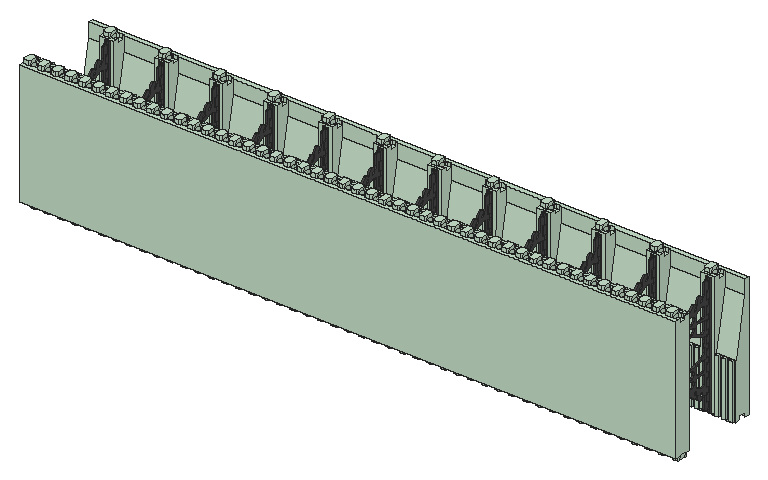
Revit family
Reference planes
  plane 1 "Center (Front/Back)": y = 0
  plane 2: z = 0
  plane 3 "Center (Left/Right)": x = 0
Forms (mm)
  Extrusion 1, solid, material "NUDURA Expanded Polystyrene Foam Insulation"
    sketch origin (0, -50.818, 0) x (1, 0, 0) y (0, 1, 0)
      loop
        line (7.142, -82.55) -> (0, -82.55) -> (0, -142.875) -> (2438.4, -142.875) -> (2438.4, -82.55) -> (2431.258, -82.55) -> (2432.842, -76.2) -> (2418.558, -76.2) -> (2420.142, -82.55) -> (2405.858, -82.55) -> (2407.442, -76.2) -> (2393.158, -76.2) -> (2394.742, -82.55) -> (2380.458, -82.55) -> (2382.042, -76.2) -> (2367.758, -76.2) -> (2369.342, -82.55) -> (2304.258, -82.55) -> (2305.842, -76.2) -> (2291.558, -76.2) -> (2293.142, -82.55) -> (2278.858, -82.55) -> (2280.442, -76.2) -> (2266.158, -76.2) -> (2267.742, -82.55) -> (2253.458, -82.55) -> (2255.042, -76.2) -> (2240.758, -76.2) -> (2242.342, -82.55) -> (2228.058, -82.55) -> (2229.642, -76.2) -> (2215.358, -76.2) -> (2216.942, -82.55) -> (2202.658, -82.55) -> (2204.242, -76.2) -> (2189.958, -76.2) -> (2191.542, -82.55) -> (2177.258, -82.55) -> (2178.842, -76.2) -> (2164.558, -76.2) -> (2166.142, -82.55) -> (2101.058, -82.55) -> (2102.642, -76.2) -> (2088.358, -76.2) -> (2089.942, -82.55) -> (2075.658, -82.55) -> (2077.242, -76.2) -> (2062.958, -76.2) -> (2064.542, -82.55) -> (2050.258, -82.55) -> (2051.842, -76.2) -> (2037.558, -76.2) -> (2039.142, -82.55) -> (2024.858, -82.55) -> (2026.442, -76.2) -> (2012.158, -76.2) -> (2013.742, -82.55) -> (1999.458, -82.55) -> (2001.042, -76.2) -> (1986.758, -76.2) -> (1988.342, -82.55) -> (1974.058, -82.55) -> (1975.642, -76.2) -> (1961.358, -76.2) -> (1962.942, -82.55) -> (1897.858, -82.55) -> (1899.442, -76.2) -> (1885.158, -76.2) -> (1886.742, -82.55) -> (1872.458, -82.55) -> (1874.042, -76.2) -> (1859.758, -76.2) -> (1861.342, -82.55) -> (1847.058, -82.55) -> (1848.642, -76.2) -> (1834.358, -76.2) -> (1835.942, -82.55) -> (1821.658, -82.55) -> (1823.242, -76.2) -> (1808.958, -76.2) -> (1810.542, -82.55) -> (1796.258, -82.55) -> (1797.842, -76.2) -> (1783.558, -76.2) -> (1785.142, -82.55) -> (1770.858, -82.55) -> (1772.442, -76.2) -> (1758.158, -76.2) -> (1759.742, -82.55) -> (1694.658, -82.55) -> (1696.242, -76.2) -> (1681.958, -76.2) -> (1683.542, -82.55) -> (1669.258, -82.55) -> (1670.842, -76.2) -> (1656.558, -76.2) -> (1658.142, -82.55) -> (1643.858, -82.55) -> (1645.442, -76.2) -> (1631.158, -76.2) -> (1632.742, -82.55) -> (1618.458, -82.55) -> (1620.042, -76.2) -> (1605.758, -76.2) -> (1607.342, -82.55) -> (1593.058, -82.55) -> (1594.642, -76.2) -> (1580.358, -76.2) -> (1581.942, -82.55) -> (1567.658, -82.55) -> (1569.242, -76.2) -> (1554.958, -76.2) -> (1556.542, -82.55) -> (1491.458, -82.55) -> (1493.042, -76.2) -> (1478.758, -76.2) -> (1480.342, -82.55) -> (1466.058, -82.55) -> (1467.642, -76.2) -> (1453.358, -76.2) -> (1454.942, -82.55) -> (1440.658, -82.55) -> (1442.242, -76.2) -> (1427.958, -76.2) -> (1429.542, -82.55) -> (1415.258, -82.55) -> (1416.842, -76.2) -> (1402.558, -76.2) -> (1404.142, -82.55) -> (1389.858, -82.55) -> (1391.442, -76.2) -> (1377.158, -76.2) -> (1378.742, -82.55) -> (1364.458, -82.55) -> (1366.042, -76.2) -> (1351.758, -76.2) -> (1353.342, -82.55) -> (1288.258, -82.55) -> (1289.842, -76.2) -> (1275.558, -76.2) -> (1277.142, -82.55) -> (1262.858, -82.55) -> (1264.442, -76.2) -> (1250.158, -76.2) -> (1251.742, -82.55) -> (1237.458, -82.55) -> (1239.042, -76.2) -> (1224.758, -76.2) -> (1226.342, -82.55) -> (1212.058, -82.55) -> (1213.642, -76.2) -> (1199.358, -76.2) -> (1200.942, -82.55) -> (1186.658, -82.55) -> (1188.242, -76.2) -> (1173.958, -76.2) -> (1175.542, -82.55) -> (1161.258, -82.55) -> (1162.842, -76.2) -> (1148.558, -76.2) -> (1150.142, -82.55) -> (1085.058, -82.55) -> (1086.642, -76.2) -> (1072.358, -76.2) -> (1073.942, -82.55) -> (1059.658, -82.55) -> (1061.242, -76.2) -> (1046.958, -76.2) -> (1048.542, -82.55) -> (1034.258, -82.55) -> (1035.842, -76.2) -> (1021.558, -76.2) -> (1023.142, -82.55) -> (1008.858, -82.55) -> (1010.442, -76.2) -> (996.158, -76.2) -> (997.742, -82.55) -> (983.458, -82.55) -> (985.042, -76.2) -> (970.758, -76.2) -> (972.342, -82.55) -> (958.058, -82.55) -> (959.642, -76.2) -> (945.358, -76.2) -> (946.942, -82.55) -> (881.858, -82.55) -> (883.442, -76.2) -> (869.158, -76.2) -> (870.742, -82.55) -> (856.458, -82.55) -> (858.042, -76.2) -> (843.758, -76.2) -> (845.342, -82.55) -> (831.058, -82.55) -> (832.642, -76.2) -> (818.358, -76.2) -> (819.942, -82.55) -> (805.658, -82.55) -> (807.242, -76.2) -> (792.958, -76.2) -> (794.542, -82.55) -> (780.258, -82.55) -> (781.842, -76.2) -> (767.558, -76.2) -> (769.142, -82.55) -> (754.858, -82.55) -> (756.442, -76.2) -> (742.158, -76.2) -> (743.742, -82.55) -> (678.658, -82.55) -> (680.242, -76.2) -> (665.958, -76.2) -> (667.542, -82.55) -> (653.258, -82.55) -> (654.842, -76.2) -> (640.558, -76.2) -> (642.142, -82.55) -> (627.858, -82.55) -> (629.442, -76.2) -> (615.158, -76.2) -> (616.742, -82.55) -> (602.458, -82.55) -> (604.042, -76.2) -> (589.758, -76.2) -> (591.342, -82.55) -> (577.058, -82.55) -> (578.642, -76.2) -> (564.358, -76.2) -> (565.942, -82.55) -> (551.658, -82.55) -> (553.242, -76.2) -> (538.958, -76.2) -> (540.542, -82.55) -> (475.458, -82.55) -> (477.042, -76.2) -> (462.758, -76.2) -> (464.342, -82.55) -> (450.058, -82.55) -> (451.642, -76.2) -> (437.358, -76.2) -> (438.942, -82.55) -> (424.658, -82.55) -> (426.242, -76.2) -> (411.958, -76.2) -> (413.542, -82.55) -> (399.258, -82.55) -> (400.842, -76.2) -> (386.558, -76.2) -> (388.142, -82.55) -> (373.858, -82.55) -> (375.442, -76.2) -> (361.158, -76.2) -> (362.742, -82.55) -> (348.458, -82.55) -> (350.042, -76.2) -> (335.758, -76.2) -> (337.342, -82.55) -> (272.258, -82.55) -> (273.842, -76.2) -> (259.558, -76.2) -> (261.142, -82.55) -> (246.858, -82.55) -> (248.442, -76.2) -> (234.158, -76.2) -> (235.742, -82.55) -> (221.458, -82.55) -> (223.042, -76.2) -> (208.758, -76.2) -> (210.342, -82.55) -> (196.058, -82.55) -> (197.642, -76.2) -> (183.358, -76.2) -> (184.942, -82.55) -> (170.658, -82.55) -> (172.242, -76.2) -> (157.958, -76.2) -> (159.542, -82.55) -> (145.258, -82.55) -> (146.842, -76.2) -> (132.558, -76.2) -> (134.142, -82.55) -> (69.058, -82.55) -> (70.642, -76.2) -> (56.358, -76.2) -> (57.942, -82.55) -> (43.658, -82.55) -> (45.242, -76.2) -> (30.958, -76.2) -> (32.542, -82.55) -> (18.258, -82.55) -> (19.842, -76.2) -> (5.558, -76.2) -> (7.142, -82.55)
    from 0 to 457.2
  Extrusion 2, void
    sketch origin (0, -50.818, 0) x (1, 0, 0) y (0, 1, 0)
      loop
        arc (25.4, -124.411) -> (26.615, -128.147) -> (29.796, -130.453) r 6.35
        arc (29.796, -130.453) -> (38.1, -131.763) -> (46.404, -130.453) r 26.987
        arc (46.404, -130.453) -> (49.585, -128.147) -> (50.8, -124.411) r 6.35
        line (50.8, -124.411) -> (50.8, -101.014)
        arc (50.8, -101.014) -> (50.362, -98.696) -> (49.108, -96.698) r 6.35
        arc (49.108, -96.698) -> (48.795, -96.199) -> (48.685, -95.62) r 1.588
        line (48.685, -95.62) -> (48.685, -86.829) -> (44.346, -86.829) -> (44.346, -92.457)
        arc (44.346, -92.457) -> (43.786, -93.668) -> (42.5, -94.024) r 1.587
        arc (42.5, -94.024) -> (36.091, -93.737) -> (29.796, -94.972) r 26.988
        arc (29.796, -94.972) -> (26.615, -97.278) -> (25.4, -101.014) r 6.35
        line (25.4, -101.014) -> (25.4, -124.411)
    from 457.2 to 444.5
  Extrusion 3, void
    sketch origin (50.8, -50.818, 0) x (1, 0, 0) y (0, 1, 0)
      loop
        arc (25.4, -124.411) -> (26.615, -128.147) -> (29.796, -130.453) r 6.35
        arc (29.796, -130.453) -> (38.1, -131.763) -> (46.404, -130.453) r 26.987
        arc (46.404, -130.453) -> (49.585, -128.147) -> (50.8, -124.411) r 6.35
        line (50.8, -124.411) -> (50.8, -101.014)
        arc (50.8, -101.014) -> (50.362, -98.696) -> (49.108, -96.698) r 6.35
        arc (49.108, -96.698) -> (48.795, -96.199) -> (48.685, -95.62) r 1.588
        line (48.685, -95.62) -> (48.685, -86.829) -> (44.346, -86.829) -> (44.346, -92.457)
        arc (44.346, -92.457) -> (43.786, -93.668) -> (42.5, -94.024) r 1.587
        arc (42.5, -94.024) -> (36.091, -93.737) -> (29.796, -94.972) r 26.988
        arc (29.796, -94.972) -> (26.615, -97.278) -> (25.4, -101.014) r 6.35
        line (25.4, -101.014) -> (25.4, -124.411)
    from 457.2 to 444.5
  Extrusion 4, void
    sketch origin (101.6, -50.818, 0) x (1, 0, 0) y (0, 1, 0)
      loop
        arc (25.4, -124.411) -> (26.615, -128.147) -> (29.796, -130.453) r 6.35
        arc (29.796, -130.453) -> (38.1, -131.763) -> (46.404, -130.453) r 26.987
        arc (46.404, -130.453) -> (49.585, -128.147) -> (50.8, -124.411) r 6.35
        line (50.8, -124.411) -> (50.8, -101.014)
        arc (50.8, -101.014) -> (50.362, -98.696) -> (49.108, -96.698) r 6.35
        arc (49.108, -96.698) -> (48.795, -96.199) -> (48.685, -95.62) r 1.588
        line (48.685, -95.62) -> (48.685, -86.829) -> (44.346, -86.829) -> (44.346, -92.457)
        arc (44.346, -92.457) -> (43.786, -93.668) -> (42.5, -94.024) r 1.587
        arc (42.5, -94.024) -> (36.091, -93.737) -> (29.796, -94.972) r 26.988
        arc (29.796, -94.972) -> (26.615, -97.278) -> (25.4, -101.014) r 6.35
        line (25.4, -101.014) -> (25.4, -124.411)
    from 457.2 to 444.5
  Extrusion 5, void
    sketch origin (152.4, -50.818, 0) x (1, 0, 0) y (0, 1, 0)
      loop
        arc (25.4, -124.411) -> (26.615, -128.147) -> (29.796, -130.453) r 6.35
        arc (29.796, -130.453) -> (38.1, -131.763) -> (46.404, -130.453) r 26.987
        arc (46.404, -130.453) -> (49.585, -128.147) -> (50.8, -124.411) r 6.35
        line (50.8, -124.411) -> (50.8, -101.014)
        arc (50.8, -101.014) -> (50.362, -98.696) -> (49.108, -96.698) r 6.35
        arc (49.108, -96.698) -> (48.795, -96.199) -> (48.685, -95.62) r 1.588
        line (48.685, -95.62) -> (48.685, -86.829) -> (44.346, -86.829) -> (44.346, -92.457)
        arc (44.346, -92.457) -> (43.786, -93.668) -> (42.5, -94.024) r 1.587
        arc (42.5, -94.024) -> (36.091, -93.737) -> (29.796, -94.972) r 26.988
        arc (29.796, -94.972) -> (26.615, -97.278) -> (25.4, -101.014) r 6.35
        line (25.4, -101.014) -> (25.4, -124.411)
    from 457.2 to 444.5
  Extrusion 6, void
    sketch origin (203.2, -50.818, 0) x (1, 0, 0) y (0, 1, 0)
      loop
        arc (25.4, -124.411) -> (26.615, -128.147) -> (29.796, -130.453) r 6.35
        arc (29.796, -130.453) -> (38.1, -131.763) -> (46.404, -130.453) r 26.987
        arc (46.404, -130.453) -> (49.585, -128.147) -> (50.8, -124.411) r 6.35
        line (50.8, -124.411) -> (50.8, -101.014)
        arc (50.8, -101.014) -> (50.362, -98.696) -> (49.108, -96.698) r 6.35
        arc (49.108, -96.698) -> (48.795, -96.199) -> (48.685, -95.62) r 1.588
        line (48.685, -95.62) -> (48.685, -86.829) -> (44.346, -86.829) -> (44.346, -92.457)
        arc (44.346, -92.457) -> (43.786, -93.668) -> (42.5, -94.024) r 1.587
        arc (42.5, -94.024) -> (36.091, -93.737) -> (29.796, -94.972) r 26.988
        arc (29.796, -94.972) -> (26.615, -97.278) -> (25.4, -101.014) r 6.35
        line (25.4, -101.014) -> (25.4, -124.411)
    from 457.2 to 444.5
  Extrusion 7, void
    sketch origin (254, -50.818, 0) x (1, 0, 0) y (0, 1, 0)
      loop
        arc (25.4, -124.411) -> (26.615, -128.147) -> (29.796, -130.453) r 6.35
        arc (29.796, -130.453) -> (38.1, -131.763) -> (46.404, -130.453) r 26.987
        arc (46.404, -130.453) -> (49.585, -128.147) -> (50.8, -124.411) r 6.35
        line (50.8, -124.411) -> (50.8, -101.014)
        arc (50.8, -101.014) -> (50.362, -98.696) -> (49.108, -96.698) r 6.35
        arc (49.108, -96.698) -> (48.795, -96.199) -> (48.685, -95.62) r 1.588
        line (48.685, -95.62) -> (48.685, -86.829) -> (44.346, -86.829) -> (44.346, -92.457)
        arc (44.346, -92.457) -> (43.786, -93.668) -> (42.5, -94.024) r 1.587
        arc (42.5, -94.024) -> (36.091, -93.737) -> (29.796, -94.972) r 26.988
        arc (29.796, -94.972) -> (26.615, -97.278) -> (25.4, -101.014) r 6.35
        line (25.4, -101.014) -> (25.4, -124.411)
    from 457.2 to 444.5
  Extrusion 8, void
    sketch origin (304.8, -50.818, 0) x (1, 0, 0) y (0, 1, 0)
      loop
        arc (25.4, -124.411) -> (26.615, -128.147) -> (29.796, -130.453) r 6.35
        arc (29.796, -130.453) -> (38.1, -131.763) -> (46.404, -130.453) r 26.987
        arc (46.404, -130.453) -> (49.585, -128.147) -> (50.8, -124.411) r 6.35
        line (50.8, -124.411) -> (50.8, -101.014)
        arc (50.8, -101.014) -> (50.362, -98.696) -> (49.108, -96.698) r 6.35
        arc (49.108, -96.698) -> (48.795, -96.199) -> (48.685, -95.62) r 1.588
        line (48.685, -95.62) -> (48.685, -86.829) -> (44.346, -86.829) -> (44.346, -92.457)
        arc (44.346, -92.457) -> (43.786, -93.668) -> (42.5, -94.024) r 1.587
        arc (42.5, -94.024) -> (36.091, -93.737) -> (29.796, -94.972) r 26.988
        arc (29.796, -94.972) -> (26.615, -97.278) -> (25.4, -101.014) r 6.35
        line (25.4, -101.014) -> (25.4, -124.411)
    from 457.2 to 444.5
  Extrusion 9, void
    sketch origin (355.6, -50.818, 0) x (1, 0, 0) y (0, 1, 0)
      loop
        arc (25.4, -124.411) -> (26.615, -128.147) -> (29.796, -130.453) r 6.35
        arc (29.796, -130.453) -> (38.1, -131.763) -> (46.404, -130.453) r 26.987
        arc (46.404, -130.453) -> (49.585, -128.147) -> (50.8, -124.411) r 6.35
        line (50.8, -124.411) -> (50.8, -101.014)
        arc (50.8, -101.014) -> (50.362, -98.696) -> (49.108, -96.698) r 6.35
        arc (49.108, -96.698) -> (48.795, -96.199) -> (48.685, -95.62) r 1.588
        line (48.685, -95.62) -> (48.685, -86.829) -> (44.346, -86.829) -> (44.346, -92.457)
        arc (44.346, -92.457) -> (43.786, -93.668) -> (42.5, -94.024) r 1.587
        arc (42.5, -94.024) -> (36.091, -93.737) -> (29.796, -94.972) r 26.988
        arc (29.796, -94.972) -> (26.615, -97.278) -> (25.4, -101.014) r 6.35
        line (25.4, -101.014) -> (25.4, -124.411)
    from 457.2 to 444.5
  Extrusion 10, void
    sketch origin (406.4, -50.818, 0) x (1, 0, 0) y (0, 1, 0)
      loop
        arc (25.4, -124.411) -> (26.615, -128.147) -> (29.796, -130.453) r 6.35
        arc (29.796, -130.453) -> (38.1, -131.763) -> (46.404, -130.453) r 26.987
        arc (46.404, -130.453) -> (49.585, -128.147) -> (50.8, -124.411) r 6.35
        line (50.8, -124.411) -> (50.8, -101.014)
        arc (50.8, -101.014) -> (50.362, -98.696) -> (49.108, -96.698) r 6.35
        arc (49.108, -96.698) -> (48.795, -96.199) -> (48.685, -95.62) r 1.588
        line (48.685, -95.62) -> (48.685, -86.829) -> (44.346, -86.829) -> (44.346, -92.457)
        arc (44.346, -92.457) -> (43.786, -93.668) -> (42.5, -94.024) r 1.587
        arc (42.5, -94.024) -> (36.091, -93.737) -> (29.796, -94.972) r 26.988
        arc (29.796, -94.972) -> (26.615, -97.278) -> (25.4, -101.014) r 6.35
        line (25.4, -101.014) -> (25.4, -124.411)
    from 457.2 to 444.5
  Extrusion 11, void
    sketch origin (457.2, -50.818, 0) x (1, 0, 0) y (0, 1, 0)
      loop
        arc (25.4, -124.411) -> (26.615, -128.147) -> (29.796, -130.453) r 6.35
        arc (29.796, -130.453) -> (38.1, -131.763) -> (46.404, -130.453) r 26.987
        arc (46.404, -130.453) -> (49.585, -128.147) -> (50.8, -124.411) r 6.35
        line (50.8, -124.411) -> (50.8, -101.014)
        arc (50.8, -101.014) -> (50.362, -98.696) -> (49.108, -96.698) r 6.35
        arc (49.108, -96.698) -> (48.795, -96.199) -> (48.685, -95.62) r 1.588
        line (48.685, -95.62) -> (48.685, -86.829) -> (44.346, -86.829) -> (44.346, -92.457)
        arc (44.346, -92.457) -> (43.786, -93.668) -> (42.5, -94.024) r 1.587
        arc (42.5, -94.024) -> (36.091, -93.737) -> (29.796, -94.972) r 26.988
        arc (29.796, -94.972) -> (26.615, -97.278) -> (25.4, -101.014) r 6.35
        line (25.4, -101.014) -> (25.4, -124.411)
    from 457.2 to 444.5
  Extrusion 12, void
    sketch origin (508, -50.818, 0) x (1, 0, 0) y (0, 1, 0)
      loop
        arc (25.4, -124.411) -> (26.615, -128.147) -> (29.796, -130.453) r 6.35
        arc (29.796, -130.453) -> (38.1, -131.763) -> (46.404, -130.453) r 26.987
        arc (46.404, -130.453) -> (49.585, -128.147) -> (50.8, -124.411) r 6.35
        line (50.8, -124.411) -> (50.8, -101.014)
        arc (50.8, -101.014) -> (50.362, -98.696) -> (49.108, -96.698) r 6.35
        arc (49.108, -96.698) -> (48.795, -96.199) -> (48.685, -95.62) r 1.588
        line (48.685, -95.62) -> (48.685, -86.829) -> (44.346, -86.829) -> (44.346, -92.457)
        arc (44.346, -92.457) -> (43.786, -93.668) -> (42.5, -94.024) r 1.587
        arc (42.5, -94.024) -> (36.091, -93.737) -> (29.796, -94.972) r 26.988
        arc (29.796, -94.972) -> (26.615, -97.278) -> (25.4, -101.014) r 6.35
        line (25.4, -101.014) -> (25.4, -124.411)
    from 457.2 to 444.5
  Extrusion 13, void
    sketch origin (558.8, -50.818, 0) x (1, 0, 0) y (0, 1, 0)
      loop
        arc (25.4, -124.411) -> (26.615, -128.147) -> (29.796, -130.453) r 6.35
        arc (29.796, -130.453) -> (38.1, -131.763) -> (46.404, -130.453) r 26.987
        arc (46.404, -130.453) -> (49.585, -128.147) -> (50.8, -124.411) r 6.35
        line (50.8, -124.411) -> (50.8, -101.014)
        arc (50.8, -101.014) -> (50.362, -98.696) -> (49.108, -96.698) r 6.35
        arc (49.108, -96.698) -> (48.795, -96.199) -> (48.685, -95.62) r 1.588
        line (48.685, -95.62) -> (48.685, -86.829) -> (44.346, -86.829) -> (44.346, -92.457)
        arc (44.346, -92.457) -> (43.786, -93.668) -> (42.5, -94.024) r 1.587
        arc (42.5, -94.024) -> (36.091, -93.737) -> (29.796, -94.972) r 26.988
        arc (29.796, -94.972) -> (26.615, -97.278) -> (25.4, -101.014) r 6.35
        line (25.4, -101.014) -> (25.4, -124.411)
    from 457.2 to 444.5
  Extrusion 14, void
    sketch origin (609.6, -50.818, 0) x (1, 0, 0) y (0, 1, 0)
      loop
        arc (25.4, -124.411) -> (26.615, -128.147) -> (29.796, -130.453) r 6.35
        arc (29.796, -130.453) -> (38.1, -131.763) -> (46.404, -130.453) r 26.987
        arc (46.404, -130.453) -> (49.585, -128.147) -> (50.8, -124.411) r 6.35
        line (50.8, -124.411) -> (50.8, -101.014)
        arc (50.8, -101.014) -> (50.362, -98.696) -> (49.108, -96.698) r 6.35
        arc (49.108, -96.698) -> (48.795, -96.199) -> (48.685, -95.62) r 1.588
        line (48.685, -95.62) -> (48.685, -86.829) -> (44.346, -86.829) -> (44.346, -92.457)
        arc (44.346, -92.457) -> (43.786, -93.668) -> (42.5, -94.024) r 1.587
        arc (42.5, -94.024) -> (36.091, -93.737) -> (29.796, -94.972) r 26.988
        arc (29.796, -94.972) -> (26.615, -97.278) -> (25.4, -101.014) r 6.35
        line (25.4, -101.014) -> (25.4, -124.411)
    from 457.2 to 444.5
  Extrusion 15, void
    sketch origin (660.4, -50.818, 0) x (1, 0, 0) y (0, 1, 0)
      loop
        arc (25.4, -124.411) -> (26.615, -128.147) -> (29.796, -130.453) r 6.35
        arc (29.796, -130.453) -> (38.1, -131.763) -> (46.404, -130.453) r 26.987
        arc (46.404, -130.453) -> (49.585, -128.147) -> (50.8, -124.411) r 6.35
        line (50.8, -124.411) -> (50.8, -101.014)
        arc (50.8, -101.014) -> (50.362, -98.696) -> (49.108, -96.698) r 6.35
        arc (49.108, -96.698) -> (48.795, -96.199) -> (48.685, -95.62) r 1.588
        line (48.685, -95.62) -> (48.685, -86.829) -> (44.346, -86.829) -> (44.346, -92.457)
        arc (44.346, -92.457) -> (43.786, -93.668) -> (42.5, -94.024) r 1.587
        arc (42.5, -94.024) -> (36.091, -93.737) -> (29.796, -94.972) r 26.988
        arc (29.796, -94.972) -> (26.615, -97.278) -> (25.4, -101.014) r 6.35
        line (25.4, -101.014) -> (25.4, -124.411)
    from 457.2 to 444.5
  Extrusion 16, void
    sketch origin (711.2, -50.818, 0) x (1, 0, 0) y (0, 1, 0)
      loop
        arc (25.4, -124.411) -> (26.615, -128.147) -> (29.796, -130.453) r 6.35
        arc (29.796, -130.453) -> (38.1, -131.763) -> (46.404, -130.453) r 26.987
        arc (46.404, -130.453) -> (49.585, -128.147) -> (50.8, -124.411) r 6.35
        line (50.8, -124.411) -> (50.8, -101.014)
        arc (50.8, -101.014) -> (50.362, -98.696) -> (49.108, -96.698) r 6.35
        arc (49.108, -96.698) -> (48.795, -96.199) -> (48.685, -95.62) r 1.588
        line (48.685, -95.62) -> (48.685, -86.829) -> (44.346, -86.829) -> (44.346, -92.457)
        arc (44.346, -92.457) -> (43.786, -93.668) -> (42.5, -94.024) r 1.587
        arc (42.5, -94.024) -> (36.091, -93.737) -> (29.796, -94.972) r 26.988
        arc (29.796, -94.972) -> (26.615, -97.278) -> (25.4, -101.014) r 6.35
        line (25.4, -101.014) -> (25.4, -124.411)
    from 457.2 to 444.5
  Extrusion 17, void
    sketch origin (762, -50.818, 0) x (1, 0, 0) y (0, 1, 0)
      loop
        arc (25.4, -124.411) -> (26.615, -128.147) -> (29.796, -130.453) r 6.35
        arc (29.796, -130.453) -> (38.1, -131.763) -> (46.404, -130.453) r 26.987
        arc (46.404, -130.453) -> (49.585, -128.147) -> (50.8, -124.411) r 6.35
        line (50.8, -124.411) -> (50.8, -101.014)
        arc (50.8, -101.014) -> (50.362, -98.696) -> (49.108, -96.698) r 6.35
        arc (49.108, -96.698) -> (48.795, -96.199) -> (48.685, -95.62) r 1.588
        line (48.685, -95.62) -> (48.685, -86.829) -> (44.346, -86.829) -> (44.346, -92.457)
        arc (44.346, -92.457) -> (43.786, -93.668) -> (42.5, -94.024) r 1.587
        arc (42.5, -94.024) -> (36.091, -93.737) -> (29.796, -94.972) r 26.988
        arc (29.796, -94.972) -> (26.615, -97.278) -> (25.4, -101.014) r 6.35
        line (25.4, -101.014) -> (25.4, -124.411)
    from 457.2 to 444.5
  Extrusion 18, void
    sketch origin (812.8, -50.818, 0) x (1, 0, 0) y (0, 1, 0)
      loop
        arc (25.4, -124.411) -> (26.615, -128.147) -> (29.796, -130.453) r 6.35
        arc (29.796, -130.453) -> (38.1, -131.763) -> (46.404, -130.453) r 26.987
        arc (46.404, -130.453) -> (49.585, -128.147) -> (50.8, -124.411) r 6.35
        line (50.8, -124.411) -> (50.8, -101.014)
        arc (50.8, -101.014) -> (50.362, -98.696) -> (49.108, -96.698) r 6.35
        arc (49.108, -96.698) -> (48.795, -96.199) -> (48.685, -95.62) r 1.588
        line (48.685, -95.62) -> (48.685, -86.829) -> (44.346, -86.829) -> (44.346, -92.457)
        arc (44.346, -92.457) -> (43.786, -93.668) -> (42.5, -94.024) r 1.587
        arc (42.5, -94.024) -> (36.091, -93.737) -> (29.796, -94.972) r 26.988
        arc (29.796, -94.972) -> (26.615, -97.278) -> (25.4, -101.014) r 6.35
        line (25.4, -101.014) -> (25.4, -124.411)
    from 457.2 to 444.5
  Extrusion 19, void
    sketch origin (863.6, -50.818, 0) x (1, 0, 0) y (0, 1, 0)
      loop
        arc (25.4, -124.411) -> (26.615, -128.147) -> (29.796, -130.453) r 6.35
        arc (29.796, -130.453) -> (38.1, -131.763) -> (46.404, -130.453) r 26.987
        arc (46.404, -130.453) -> (49.585, -128.147) -> (50.8, -124.411) r 6.35
        line (50.8, -124.411) -> (50.8, -101.014)
        arc (50.8, -101.014) -> (50.362, -98.696) -> (49.108, -96.698) r 6.35
        arc (49.108, -96.698) -> (48.795, -96.199) -> (48.685, -95.62) r 1.588
        line (48.685, -95.62) -> (48.685, -86.829) -> (44.346, -86.829) -> (44.346, -92.457)
        arc (44.346, -92.457) -> (43.786, -93.668) -> (42.5, -94.024) r 1.587
        arc (42.5, -94.024) -> (36.091, -93.737) -> (29.796, -94.972) r 26.988
        arc (29.796, -94.972) -> (26.615, -97.278) -> (25.4, -101.014) r 6.35
        line (25.4, -101.014) -> (25.4, -124.411)
    from 457.2 to 444.5
  Extrusion 20, void
    sketch origin (914.4, -50.818, 0) x (1, 0, 0) y (0, 1, 0)
      loop
        arc (25.4, -124.411) -> (26.615, -128.147) -> (29.796, -130.453) r 6.35
        arc (29.796, -130.453) -> (38.1, -131.763) -> (46.404, -130.453) r 26.987
        arc (46.404, -130.453) -> (49.585, -128.147) -> (50.8, -124.411) r 6.35
        line (50.8, -124.411) -> (50.8, -101.014)
        arc (50.8, -101.014) -> (50.362, -98.696) -> (49.108, -96.698) r 6.35
        arc (49.108, -96.698) -> (48.795, -96.199) -> (48.685, -95.62) r 1.588
        line (48.685, -95.62) -> (48.685, -86.829) -> (44.346, -86.829) -> (44.346, -92.457)
        arc (44.346, -92.457) -> (43.786, -93.668) -> (42.5, -94.024) r 1.587
        arc (42.5, -94.024) -> (36.091, -93.737) -> (29.796, -94.972) r 26.988
        arc (29.796, -94.972) -> (26.615, -97.278) -> (25.4, -101.014) r 6.35
        line (25.4, -101.014) -> (25.4, -124.411)
    from 457.2 to 444.5
  Extrusion 21, void
    sketch origin (965.2, -50.818, 0) x (1, 0, 0) y (0, 1, 0)
      loop
        arc (25.4, -124.411) -> (26.615, -128.147) -> (29.796, -130.453) r 6.35
        arc (29.796, -130.453) -> (38.1, -131.763) -> (46.404, -130.453) r 26.987
        arc (46.404, -130.453) -> (49.585, -128.147) -> (50.8, -124.411) r 6.35
        line (50.8, -124.411) -> (50.8, -101.014)
        arc (50.8, -101.014) -> (50.362, -98.696) -> (49.108, -96.698) r 6.35
        arc (49.108, -96.698) -> (48.795, -96.199) -> (48.685, -95.62) r 1.588
        line (48.685, -95.62) -> (48.685, -86.829) -> (44.346, -86.829) -> (44.346, -92.457)
        arc (44.346, -92.457) -> (43.786, -93.668) -> (42.5, -94.024) r 1.587
        arc (42.5, -94.024) -> (36.091, -93.737) -> (29.796, -94.972) r 26.988
        arc (29.796, -94.972) -> (26.615, -97.278) -> (25.4, -101.014) r 6.35
        line (25.4, -101.014) -> (25.4, -124.411)
    from 457.2 to 444.5
  Extrusion 22, void
    sketch origin (1016, -50.818, 0) x (1, 0, 0) y (0, 1, 0)
      loop
        arc (25.4, -124.411) -> (26.615, -128.147) -> (29.796, -130.453) r 6.35
        arc (29.796, -130.453) -> (38.1, -131.763) -> (46.404, -130.453) r 26.987
        arc (46.404, -130.453) -> (49.585, -128.147) -> (50.8, -124.411) r 6.35
        line (50.8, -124.411) -> (50.8, -101.014)
        arc (50.8, -101.014) -> (50.362, -98.696) -> (49.108, -96.698) r 6.35
        arc (49.108, -96.698) -> (48.795, -96.199) -> (48.685, -95.62) r 1.588
        line (48.685, -95.62) -> (48.685, -86.829) -> (44.346, -86.829) -> (44.346, -92.457)
        arc (44.346, -92.457) -> (43.786, -93.668) -> (42.5, -94.024) r 1.587
        arc (42.5, -94.024) -> (36.091, -93.737) -> (29.796, -94.972) r 26.988
        arc (29.796, -94.972) -> (26.615, -97.278) -> (25.4, -101.014) r 6.35
        line (25.4, -101.014) -> (25.4, -124.411)
    from 457.2 to 444.5
  Extrusion 23, void
    sketch origin (1066.8, -50.818, 0) x (1, 0, 0) y (0, 1, 0)
      loop
        arc (25.4, -124.411) -> (26.615, -128.147) -> (29.796, -130.453) r 6.35
        arc (29.796, -130.453) -> (38.1, -131.763) -> (46.404, -130.453) r 26.987
        arc (46.404, -130.453) -> (49.585, -128.147) -> (50.8, -124.411) r 6.35
        line (50.8, -124.411) -> (50.8, -101.014)
        arc (50.8, -101.014) -> (50.362, -98.696) -> (49.108, -96.698) r 6.35
        arc (49.108, -96.698) -> (48.795, -96.199) -> (48.685, -95.62) r 1.588
        line (48.685, -95.62) -> (48.685, -86.829) -> (44.346, -86.829) -> (44.346, -92.457)
        arc (44.346, -92.457) -> (43.786, -93.668) -> (42.5, -94.024) r 1.587
        arc (42.5, -94.024) -> (36.091, -93.737) -> (29.796, -94.972) r 26.988
        arc (29.796, -94.972) -> (26.615, -97.278) -> (25.4, -101.014) r 6.35
        line (25.4, -101.014) -> (25.4, -124.411)
    from 457.2 to 444.5
  Extrusion 24, void
    sketch origin (1117.6, -50.818, 0) x (1, 0, 0) y (0, 1, 0)
      loop
        arc (25.4, -124.411) -> (26.615, -128.147) -> (29.796, -130.453) r 6.35
        arc (29.796, -130.453) -> (38.1, -131.763) -> (46.404, -130.453) r 26.987
        arc (46.404, -130.453) -> (49.585, -128.147) -> (50.8, -124.411) r 6.35
        line (50.8, -124.411) -> (50.8, -101.014)
        arc (50.8, -101.014) -> (50.362, -98.696) -> (49.108, -96.698) r 6.35
        arc (49.108, -96.698) -> (48.795, -96.199) -> (48.685, -95.62) r 1.588
        line (48.685, -95.62) -> (48.685, -86.829) -> (44.346, -86.829) -> (44.346, -92.457)
        arc (44.346, -92.457) -> (43.786, -93.668) -> (42.5, -94.024) r 1.587
        arc (42.5, -94.024) -> (36.091, -93.737) -> (29.796, -94.972) r 26.988
        arc (29.796, -94.972) -> (26.615, -97.278) -> (25.4, -101.014) r 6.35
        line (25.4, -101.014) -> (25.4, -124.411)
    from 457.2 to 444.5
  Extrusion 25, void
    sketch origin (1168.4, -50.818, 0) x (1, 0, 0) y (0, 1, 0)
      loop
        arc (25.4, -124.411) -> (26.615, -128.147) -> (29.796, -130.453) r 6.35
        arc (29.796, -130.453) -> (38.1, -131.763) -> (46.404, -130.453) r 26.987
        arc (46.404, -130.453) -> (49.585, -128.147) -> (50.8, -124.411) r 6.35
        line (50.8, -124.411) -> (50.8, -101.014)
        arc (50.8, -101.014) -> (50.362, -98.696) -> (49.108, -96.698) r 6.35
        arc (49.108, -96.698) -> (48.795, -96.199) -> (48.685, -95.62) r 1.588
        line (48.685, -95.62) -> (48.685, -86.829) -> (44.346, -86.829) -> (44.346, -92.457)
        arc (44.346, -92.457) -> (43.786, -93.668) -> (42.5, -94.024) r 1.587
        arc (42.5, -94.024) -> (36.091, -93.737) -> (29.796, -94.972) r 26.988
        arc (29.796, -94.972) -> (26.615, -97.278) -> (25.4, -101.014) r 6.35
        line (25.4, -101.014) -> (25.4, -124.411)
    from 457.2 to 444.5
  Extrusion 26, void
    sketch origin (1219.2, -50.818, 0) x (1, 0, 0) y (0, 1, 0)
      loop
        arc (25.4, -124.411) -> (26.615, -128.147) -> (29.796, -130.453) r 6.35
        arc (29.796, -130.453) -> (38.1, -131.763) -> (46.404, -130.453) r 26.987
        arc (46.404, -130.453) -> (49.585, -128.147) -> (50.8, -124.411) r 6.35
        line (50.8, -124.411) -> (50.8, -101.014)
        arc (50.8, -101.014) -> (50.362, -98.696) -> (49.108, -96.698) r 6.35
        arc (49.108, -96.698) -> (48.795, -96.199) -> (48.685, -95.62) r 1.588
        line (48.685, -95.62) -> (48.685, -86.829) -> (44.346, -86.829) -> (44.346, -92.457)
        arc (44.346, -92.457) -> (43.786, -93.668) -> (42.5, -94.024) r 1.587
        arc (42.5, -94.024) -> (36.091, -93.737) -> (29.796, -94.972) r 26.988
        arc (29.796, -94.972) -> (26.615, -97.278) -> (25.4, -101.014) r 6.35
        line (25.4, -101.014) -> (25.4, -124.411)
    from 457.2 to 444.5
  Extrusion 27, void
    sketch origin (1270, -50.818, 0) x (1, 0, 0) y (0, 1, 0)
      loop
        arc (25.4, -124.411) -> (26.615, -128.147) -> (29.796, -130.453) r 6.35
        arc (29.796, -130.453) -> (38.1, -131.763) -> (46.404, -130.453) r 26.987
        arc (46.404, -130.453) -> (49.585, -128.147) -> (50.8, -124.411) r 6.35
        line (50.8, -124.411) -> (50.8, -101.014)
        arc (50.8, -101.014) -> (50.362, -98.696) -> (49.108, -96.698) r 6.35
        arc (49.108, -96.698) -> (48.795, -96.199) -> (48.685, -95.62) r 1.588
        line (48.685, -95.62) -> (48.685, -86.829) -> (44.346, -86.829) -> (44.346, -92.457)
        arc (44.346, -92.457) -> (43.786, -93.668) -> (42.5, -94.024) r 1.587
        arc (42.5, -94.024) -> (36.091, -93.737) -> (29.796, -94.972) r 26.988
        arc (29.796, -94.972) -> (26.615, -97.278) -> (25.4, -101.014) r 6.35
        line (25.4, -101.014) -> (25.4, -124.411)
    from 457.2 to 444.5
  Extrusion 28, void
    sketch origin (1320.8, -50.818, 0) x (1, 0, 0) y (0, 1, 0)
      loop
        arc (25.4, -124.411) -> (26.615, -128.147) -> (29.796, -130.453) r 6.35
        arc (29.796, -130.453) -> (38.1, -131.763) -> (46.404, -130.453) r 26.987
        arc (46.404, -130.453) -> (49.585, -128.147) -> (50.8, -124.411) r 6.35
        line (50.8, -124.411) -> (50.8, -101.014)
        arc (50.8, -101.014) -> (50.362, -98.696) -> (49.108, -96.698) r 6.35
        arc (49.108, -96.698) -> (48.795, -96.199) -> (48.685, -95.62) r 1.588
        line (48.685, -95.62) -> (48.685, -86.829) -> (44.346, -86.829) -> (44.346, -92.457)
        arc (44.346, -92.457) -> (43.786, -93.668) -> (42.5, -94.024) r 1.587
        arc (42.5, -94.024) -> (36.091, -93.737) -> (29.796, -94.972) r 26.988
        arc (29.796, -94.972) -> (26.615, -97.278) -> (25.4, -101.014) r 6.35
        line (25.4, -101.014) -> (25.4, -124.411)
    from 457.2 to 444.5
  Extrusion 29, void
    sketch origin (1371.6, -50.818, 0) x (1, 0, 0) y (0, 1, 0)
      loop
        arc (25.4, -124.411) -> (26.615, -128.147) -> (29.796, -130.453) r 6.35
        arc (29.796, -130.453) -> (38.1, -131.763) -> (46.404, -130.453) r 26.987
        arc (46.404, -130.453) -> (49.585, -128.147) -> (50.8, -124.411) r 6.35
        line (50.8, -124.411) -> (50.8, -101.014)
        arc (50.8, -101.014) -> (50.362, -98.696) -> (49.108, -96.698) r 6.35
        arc (49.108, -96.698) -> (48.795, -96.199) -> (48.685, -95.62) r 1.588
        line (48.685, -95.62) -> (48.685, -86.829) -> (44.346, -86.829) -> (44.346, -92.457)
        arc (44.346, -92.457) -> (43.786, -93.668) -> (42.5, -94.024) r 1.587
        arc (42.5, -94.024) -> (36.091, -93.737) -> (29.796, -94.972) r 26.988
        arc (29.796, -94.972) -> (26.615, -97.278) -> (25.4, -101.014) r 6.35
        line (25.4, -101.014) -> (25.4, -124.411)
    from 457.2 to 444.5
  Extrusion 30, void
    sketch origin (1422.4, -50.818, 0) x (1, 0, 0) y (0, 1, 0)
      loop
        arc (25.4, -124.411) -> (26.615, -128.147) -> (29.796, -130.453) r 6.35
        arc (29.796, -130.453) -> (38.1, -131.763) -> (46.404, -130.453) r 26.987
        arc (46.404, -130.453) -> (49.585, -128.147) -> (50.8, -124.411) r 6.35
        line (50.8, -124.411) -> (50.8, -101.014)
        arc (50.8, -101.014) -> (50.362, -98.696) -> (49.108, -96.698) r 6.35
        arc (49.108, -96.698) -> (48.795, -96.199) -> (48.685, -95.62) r 1.588
        line (48.685, -95.62) -> (48.685, -86.829) -> (44.346, -86.829) -> (44.346, -92.457)
        arc (44.346, -92.457) -> (43.786, -93.668) -> (42.5, -94.024) r 1.587
        arc (42.5, -94.024) -> (36.091, -93.737) -> (29.796, -94.972) r 26.988
        arc (29.796, -94.972) -> (26.615, -97.278) -> (25.4, -101.014) r 6.35
        line (25.4, -101.014) -> (25.4, -124.411)
    from 457.2 to 444.5
  Extrusion 31, void
    sketch origin (1473.2, -50.818, 0) x (1, 0, 0) y (0, 1, 0)
      loop
        arc (25.4, -124.411) -> (26.615, -128.147) -> (29.796, -130.453) r 6.35
        arc (29.796, -130.453) -> (38.1, -131.763) -> (46.404, -130.453) r 26.987
        arc (46.404, -130.453) -> (49.585, -128.147) -> (50.8, -124.411) r 6.35
        line (50.8, -124.411) -> (50.8, -101.014)
        arc (50.8, -101.014) -> (50.362, -98.696) -> (49.108, -96.698) r 6.35
        arc (49.108, -96.698) -> (48.795, -96.199) -> (48.685, -95.62) r 1.588
        line (48.685, -95.62) -> (48.685, -86.829) -> (44.346, -86.829) -> (44.346, -92.457)
        arc (44.346, -92.457) -> (43.786, -93.668) -> (42.5, -94.024) r 1.587
        arc (42.5, -94.024) -> (36.091, -93.737) -> (29.796, -94.972) r 26.988
        arc (29.796, -94.972) -> (26.615, -97.278) -> (25.4, -101.014) r 6.35
        line (25.4, -101.014) -> (25.4, -124.411)
    from 457.2 to 444.5
  Extrusion 32, void
    sketch origin (1524, -50.818, 0) x (1, 0, 0) y (0, 1, 0)
      loop
        arc (25.4, -124.411) -> (26.615, -128.147) -> (29.796, -130.453) r 6.35
        arc (29.796, -130.453) -> (38.1, -131.763) -> (46.404, -130.453) r 26.987
        arc (46.404, -130.453) -> (49.585, -128.147) -> (50.8, -124.411) r 6.35
        line (50.8, -124.411) -> (50.8, -101.014)
        arc (50.8, -101.014) -> (50.362, -98.696) -> (49.108, -96.698) r 6.35
        arc (49.108, -96.698) -> (48.795, -96.199) -> (48.685, -95.62) r 1.588
        line (48.685, -95.62) -> (48.685, -86.829) -> (44.346, -86.829) -> (44.346, -92.457)
        arc (44.346, -92.457) -> (43.786, -93.668) -> (42.5, -94.024) r 1.587
        arc (42.5, -94.024) -> (36.091, -93.737) -> (29.796, -94.972) r 26.988
        arc (29.796, -94.972) -> (26.615, -97.278) -> (25.4, -101.014) r 6.35
        line (25.4, -101.014) -> (25.4, -124.411)
    from 457.2 to 444.5
  Extrusion 33, void
    sketch origin (1574.8, -50.818, 0) x (1, 0, 0) y (0, 1, 0)
      loop
        arc (25.4, -124.411) -> (26.615, -128.147) -> (29.796, -130.453) r 6.35
        arc (29.796, -130.453) -> (38.1, -131.763) -> (46.404, -130.453) r 26.987
        arc (46.404, -130.453) -> (49.585, -128.147) -> (50.8, -124.411) r 6.35
        line (50.8, -124.411) -> (50.8, -101.014)
        arc (50.8, -101.014) -> (50.362, -98.696) -> (49.108, -96.698) r 6.35
        arc (49.108, -96.698) -> (48.795, -96.199) -> (48.685, -95.62) r 1.588
        line (48.685, -95.62) -> (48.685, -86.829) -> (44.346, -86.829) -> (44.346, -92.457)
        arc (44.346, -92.457) -> (43.786, -93.668) -> (42.5, -94.024) r 1.587
        arc (42.5, -94.024) -> (36.091, -93.737) -> (29.796, -94.972) r 26.988
        arc (29.796, -94.972) -> (26.615, -97.278) -> (25.4, -101.014) r 6.35
        line (25.4, -101.014) -> (25.4, -124.411)
    from 457.2 to 444.5
  Extrusion 34, void
    sketch origin (1625.6, -50.818, 0) x (1, 0, 0) y (0, 1, 0)
      loop
        arc (25.4, -124.411) -> (26.615, -128.147) -> (29.796, -130.453) r 6.35
        arc (29.796, -130.453) -> (38.1, -131.763) -> (46.404, -130.453) r 26.987
        arc (46.404, -130.453) -> (49.585, -128.147) -> (50.8, -124.411) r 6.35
        line (50.8, -124.411) -> (50.8, -101.014)
        arc (50.8, -101.014) -> (50.362, -98.696) -> (49.108, -96.698) r 6.35
        arc (49.108, -96.698) -> (48.795, -96.199) -> (48.685, -95.62) r 1.588
        line (48.685, -95.62) -> (48.685, -86.829) -> (44.346, -86.829) -> (44.346, -92.457)
        arc (44.346, -92.457) -> (43.786, -93.668) -> (42.5, -94.024) r 1.587
        arc (42.5, -94.024) -> (36.091, -93.737) -> (29.796, -94.972) r 26.988
        arc (29.796, -94.972) -> (26.615, -97.278) -> (25.4, -101.014) r 6.35
        line (25.4, -101.014) -> (25.4, -124.411)
    from 457.2 to 444.5
  Extrusion 35, void
    sketch origin (1676.4, -50.818, 0) x (1, 0, 0) y (0, 1, 0)
      loop
        arc (25.4, -124.411) -> (26.615, -128.147) -> (29.796, -130.453) r 6.35
        arc (29.796, -130.453) -> (38.1, -131.763) -> (46.404, -130.453) r 26.987
        arc (46.404, -130.453) -> (49.585, -128.147) -> (50.8, -124.411) r 6.35
        line (50.8, -124.411) -> (50.8, -101.014)
        arc (50.8, -101.014) -> (50.362, -98.696) -> (49.108, -96.698) r 6.35
        arc (49.108, -96.698) -> (48.795, -96.199) -> (48.685, -95.62) r 1.588
        line (48.685, -95.62) -> (48.685, -86.829) -> (44.346, -86.829) -> (44.346, -92.457)
        arc (44.346, -92.457) -> (43.786, -93.668) -> (42.5, -94.024) r 1.587
        arc (42.5, -94.024) -> (36.091, -93.737) -> (29.796, -94.972) r 26.988
        arc (29.796, -94.972) -> (26.615, -97.278) -> (25.4, -101.014) r 6.35
        line (25.4, -101.014) -> (25.4, -124.411)
    from 457.2 to 444.5
  Extrusion 36, void
    sketch origin (1727.2, -50.818, 0) x (1, 0, 0) y (0, 1, 0)
      loop
        arc (25.4, -124.411) -> (26.615, -128.147) -> (29.796, -130.453) r 6.35
        arc (29.796, -130.453) -> (38.1, -131.763) -> (46.404, -130.453) r 26.987
        arc (46.404, -130.453) -> (49.585, -128.147) -> (50.8, -124.411) r 6.35
        line (50.8, -124.411) -> (50.8, -101.014)
        arc (50.8, -101.014) -> (50.362, -98.696) -> (49.108, -96.698) r 6.35
        arc (49.108, -96.698) -> (48.795, -96.199) -> (48.685, -95.62) r 1.588
        line (48.685, -95.62) -> (48.685, -86.829) -> (44.346, -86.829) -> (44.346, -92.457)
        arc (44.346, -92.457) -> (43.786, -93.668) -> (42.5, -94.024) r 1.587
        arc (42.5, -94.024) -> (36.091, -93.737) -> (29.796, -94.972) r 26.988
        arc (29.796, -94.972) -> (26.615, -97.278) -> (25.4, -101.014) r 6.35
        line (25.4, -101.014) -> (25.4, -124.411)
    from 457.2 to 444.5
  Extrusion 37, void
    sketch origin (1778, -50.818, 0) x (1, 0, 0) y (0, 1, 0)
      loop
        arc (25.4, -124.411) -> (26.615, -128.147) -> (29.796, -130.453) r 6.35
        arc (29.796, -130.453) -> (38.1, -131.763) -> (46.404, -130.453) r 26.987
        arc (46.404, -130.453) -> (49.585, -128.147) -> (50.8, -124.411) r 6.35
        line (50.8, -124.411) -> (50.8, -101.014)
        arc (50.8, -101.014) -> (50.362, -98.696) -> (49.108, -96.698) r 6.35
        arc (49.108, -96.698) -> (48.795, -96.199) -> (48.685, -95.62) r 1.588
        line (48.685, -95.62) -> (48.685, -86.829) -> (44.346, -86.829) -> (44.346, -92.457)
        arc (44.346, -92.457) -> (43.786, -93.668) -> (42.5, -94.024) r 1.587
        arc (42.5, -94.024) -> (36.091, -93.737) -> (29.796, -94.972) r 26.988
        arc (29.796, -94.972) -> (26.615, -97.278) -> (25.4, -101.014) r 6.35
        line (25.4, -101.014) -> (25.4, -124.411)
    from 457.2 to 444.5
  Extrusion 38, void
    sketch origin (1828.8, -50.818, 0) x (1, 0, 0) y (0, 1, 0)
      loop
        arc (25.4, -124.411) -> (26.615, -128.147) -> (29.796, -130.453) r 6.35
        arc (29.796, -130.453) -> (38.1, -131.763) -> (46.404, -130.453) r 26.987
        arc (46.404, -130.453) -> (49.585, -128.147) -> (50.8, -124.411) r 6.35
        line (50.8, -124.411) -> (50.8, -101.014)
        arc (50.8, -101.014) -> (50.362, -98.696) -> (49.108, -96.698) r 6.35
        arc (49.108, -96.698) -> (48.795, -96.199) -> (48.685, -95.62) r 1.588
        line (48.685, -95.62) -> (48.685, -86.829) -> (44.346, -86.829) -> (44.346, -92.457)
        arc (44.346, -92.457) -> (43.786, -93.668) -> (42.5, -94.024) r 1.587
        arc (42.5, -94.024) -> (36.091, -93.737) -> (29.796, -94.972) r 26.988
        arc (29.796, -94.972) -> (26.615, -97.278) -> (25.4, -101.014) r 6.35
        line (25.4, -101.014) -> (25.4, -124.411)
    from 457.2 to 444.5
  Extrusion 39, void
    sketch origin (1879.6, -50.818, 0) x (1, 0, 0) y (0, 1, 0)
      loop
        arc (25.4, -124.411) -> (26.615, -128.147) -> (29.796, -130.453) r 6.35
        arc (29.796, -130.453) -> (38.1, -131.763) -> (46.404, -130.453) r 26.987
        arc (46.404, -130.453) -> (49.585, -128.147) -> (50.8, -124.411) r 6.35
        line (50.8, -124.411) -> (50.8, -101.014)
        arc (50.8, -101.014) -> (50.362, -98.696) -> (49.108, -96.698) r 6.35
        arc (49.108, -96.698) -> (48.795, -96.199) -> (48.685, -95.62) r 1.588
        line (48.685, -95.62) -> (48.685, -86.829) -> (44.346, -86.829) -> (44.346, -92.457)
        arc (44.346, -92.457) -> (43.786, -93.668) -> (42.5, -94.024) r 1.587
        arc (42.5, -94.024) -> (36.091, -93.737) -> (29.796, -94.972) r 26.988
        arc (29.796, -94.972) -> (26.615, -97.278) -> (25.4, -101.014) r 6.35
        line (25.4, -101.014) -> (25.4, -124.411)
    from 457.2 to 444.5
  Extrusion 40, void
    sketch origin (1930.4, -50.818, 0) x (1, 0, 0) y (0, 1, 0)
      loop
        arc (25.4, -124.411) -> (26.615, -128.147) -> (29.796, -130.453) r 6.35
        arc (29.796, -130.453) -> (38.1, -131.763) -> (46.404, -130.453) r 26.987
        arc (46.404, -130.453) -> (49.585, -128.147) -> (50.8, -124.411) r 6.35
        line (50.8, -124.411) -> (50.8, -101.014)
        arc (50.8, -101.014) -> (50.362, -98.696) -> (49.108, -96.698) r 6.35
        arc (49.108, -96.698) -> (48.795, -96.199) -> (48.685, -95.62) r 1.588
        line (48.685, -95.62) -> (48.685, -86.829) -> (44.346, -86.829) -> (44.346, -92.457)
        arc (44.346, -92.457) -> (43.786, -93.668) -> (42.5, -94.024) r 1.587
        arc (42.5, -94.024) -> (36.091, -93.737) -> (29.796, -94.972) r 26.988
        arc (29.796, -94.972) -> (26.615, -97.278) -> (25.4, -101.014) r 6.35
        line (25.4, -101.014) -> (25.4, -124.411)
    from 457.2 to 444.5
  Extrusion 41, void
    sketch origin (1981.2, -50.818, 0) x (1, 0, 0) y (0, 1, 0)
      loop
        arc (25.4, -124.411) -> (26.615, -128.147) -> (29.796, -130.453) r 6.35
        arc (29.796, -130.453) -> (38.1, -131.763) -> (46.404, -130.453) r 26.987
        arc (46.404, -130.453) -> (49.585, -128.147) -> (50.8, -124.411) r 6.35
        line (50.8, -124.411) -> (50.8, -101.014)
        arc (50.8, -101.014) -> (50.362, -98.696) -> (49.108, -96.698) r 6.35
        arc (49.108, -96.698) -> (48.795, -96.199) -> (48.685, -95.62) r 1.588
        line (48.685, -95.62) -> (48.685, -86.829) -> (44.346, -86.829) -> (44.346, -92.457)
        arc (44.346, -92.457) -> (43.786, -93.668) -> (42.5, -94.024) r 1.587
        arc (42.5, -94.024) -> (36.091, -93.737) -> (29.796, -94.972) r 26.988
        arc (29.796, -94.972) -> (26.615, -97.278) -> (25.4, -101.014) r 6.35
        line (25.4, -101.014) -> (25.4, -124.411)
    from 457.2 to 444.5
  Extrusion 42, void
    sketch origin (2032, -50.818, 0) x (1, 0, 0) y (0, 1, 0)
      loop
        arc (25.4, -124.411) -> (26.615, -128.147) -> (29.796, -130.453) r 6.35
        arc (29.796, -130.453) -> (38.1, -131.763) -> (46.404, -130.453) r 26.987
        arc (46.404, -130.453) -> (49.585, -128.147) -> (50.8, -124.411) r 6.35
        line (50.8, -124.411) -> (50.8, -101.014)
        arc (50.8, -101.014) -> (50.362, -98.696) -> (49.108, -96.698) r 6.35
        arc (49.108, -96.698) -> (48.795, -96.199) -> (48.685, -95.62) r 1.588
        line (48.685, -95.62) -> (48.685, -86.829) -> (44.346, -86.829) -> (44.346, -92.457)
        arc (44.346, -92.457) -> (43.786, -93.668) -> (42.5, -94.024) r 1.587
        arc (42.5, -94.024) -> (36.091, -93.737) -> (29.796, -94.972) r 26.988
        arc (29.796, -94.972) -> (26.615, -97.278) -> (25.4, -101.014) r 6.35
        line (25.4, -101.014) -> (25.4, -124.411)
    from 457.2 to 444.5
  Extrusion 43, void
    sketch origin (2082.8, -50.818, 0) x (1, 0, 0) y (0, 1, 0)
      loop
        arc (25.4, -124.411) -> (26.615, -128.147) -> (29.796, -130.453) r 6.35
        arc (29.796, -130.453) -> (38.1, -131.763) -> (46.404, -130.453) r 26.987
        arc (46.404, -130.453) -> (49.585, -128.147) -> (50.8, -124.411) r 6.35
        line (50.8, -124.411) -> (50.8, -101.014)
        arc (50.8, -101.014) -> (50.362, -98.696) -> (49.108, -96.698) r 6.35
        arc (49.108, -96.698) -> (48.795, -96.199) -> (48.685, -95.62) r 1.588
        line (48.685, -95.62) -> (48.685, -86.829) -> (44.346, -86.829) -> (44.346, -92.457)
        arc (44.346, -92.457) -> (43.786, -93.668) -> (42.5, -94.024) r 1.587
        arc (42.5, -94.024) -> (36.091, -93.737) -> (29.796, -94.972) r 26.988
        arc (29.796, -94.972) -> (26.615, -97.278) -> (25.4, -101.014) r 6.35
        line (25.4, -101.014) -> (25.4, -124.411)
    from 457.2 to 444.5
  Extrusion 44, void
    sketch origin (2133.6, -50.818, 0) x (1, 0, 0) y (0, 1, 0)
      loop
        arc (25.4, -124.411) -> (26.615, -128.147) -> (29.796, -130.453) r 6.35
        arc (29.796, -130.453) -> (38.1, -131.763) -> (46.404, -130.453) r 26.987
        arc (46.404, -130.453) -> (49.585, -128.147) -> (50.8, -124.411) r 6.35
        line (50.8, -124.411) -> (50.8, -101.014)
        arc (50.8, -101.014) -> (50.362, -98.696) -> (49.108, -96.698) r 6.35
        arc (49.108, -96.698) -> (48.795, -96.199) -> (48.685, -95.62) r 1.588
        line (48.685, -95.62) -> (48.685, -86.829) -> (44.346, -86.829) -> (44.346, -92.457)
        arc (44.346, -92.457) -> (43.786, -93.668) -> (42.5, -94.024) r 1.587
        arc (42.5, -94.024) -> (36.091, -93.737) -> (29.796, -94.972) r 26.988
        arc (29.796, -94.972) -> (26.615, -97.278) -> (25.4, -101.014) r 6.35
        line (25.4, -101.014) -> (25.4, -124.411)
    from 457.2 to 444.5
  Extrusion 45, void
    sketch origin (2184.4, -50.818, 0) x (1, 0, 0) y (0, 1, 0)
      loop
        arc (25.4, -124.411) -> (26.615, -128.147) -> (29.796, -130.453) r 6.35
        arc (29.796, -130.453) -> (38.1, -131.763) -> (46.404, -130.453) r 26.987
        arc (46.404, -130.453) -> (49.585, -128.147) -> (50.8, -124.411) r 6.35
        line (50.8, -124.411) -> (50.8, -101.014)
        arc (50.8, -101.014) -> (50.362, -98.696) -> (49.108, -96.698) r 6.35
        arc (49.108, -96.698) -> (48.795, -96.199) -> (48.685, -95.62) r 1.588
        line (48.685, -95.62) -> (48.685, -86.829) -> (44.346, -86.829) -> (44.346, -92.457)
        arc (44.346, -92.457) -> (43.786, -93.668) -> (42.5, -94.024) r 1.587
        arc (42.5, -94.024) -> (36.091, -93.737) -> (29.796, -94.972) r 26.988
        arc (29.796, -94.972) -> (26.615, -97.278) -> (25.4, -101.014) r 6.35
        line (25.4, -101.014) -> (25.4, -124.411)
    from 457.2 to 444.5
  Extrusion 46, void
    sketch origin (2235.2, -50.818, 0) x (1, 0, 0) y (0, 1, 0)
      loop
        arc (25.4, -124.411) -> (26.615, -128.147) -> (29.796, -130.453) r 6.35
        arc (29.796, -130.453) -> (38.1, -131.763) -> (46.404, -130.453) r 26.987
        arc (46.404, -130.453) -> (49.585, -128.147) -> (50.8, -124.411) r 6.35
        line (50.8, -124.411) -> (50.8, -101.014)
        arc (50.8, -101.014) -> (50.362, -98.696) -> (49.108, -96.698) r 6.35
        arc (49.108, -96.698) -> (48.795, -96.199) -> (48.685, -95.62) r 1.588
        line (48.685, -95.62) -> (48.685, -86.829) -> (44.346, -86.829) -> (44.346, -92.457)
        arc (44.346, -92.457) -> (43.786, -93.668) -> (42.5, -94.024) r 1.587
        arc (42.5, -94.024) -> (36.091, -93.737) -> (29.796, -94.972) r 26.988
        arc (29.796, -94.972) -> (26.615, -97.278) -> (25.4, -101.014) r 6.35
        line (25.4, -101.014) -> (25.4, -124.411)
    from 457.2 to 444.5
  Extrusion 47, void
    sketch origin (2286, -50.818, 0) x (1, 0, 0) y (0, 1, 0)
      loop
        arc (25.4, -124.411) -> (26.615, -128.147) -> (29.796, -130.453) r 6.35
        arc (29.796, -130.453) -> (38.1, -131.763) -> (46.404, -130.453) r 26.987
        arc (46.404, -130.453) -> (49.585, -128.147) -> (50.8, -124.411) r 6.35
        line (50.8, -124.411) -> (50.8, -101.014)
        arc (50.8, -101.014) -> (50.362, -98.696) -> (49.108, -96.698) r 6.35
        arc (49.108, -96.698) -> (48.795, -96.199) -> (48.685, -95.62) r 1.588
        line (48.685, -95.62) -> (48.685, -86.829) -> (44.346, -86.829) -> (44.346, -92.457)
        arc (44.346, -92.457) -> (43.786, -93.668) -> (42.5, -94.024) r 1.587
        arc (42.5, -94.024) -> (36.091, -93.737) -> (29.796, -94.972) r 26.988
        arc (29.796, -94.972) -> (26.615, -97.278) -> (25.4, -101.014) r 6.35
        line (25.4, -101.014) -> (25.4, -124.411)
    from 457.2 to 444.5
  Extrusion 48, void
    sketch origin (2336.8, -50.818, 0) x (1, 0, 0) y (0, 1, 0)
      loop
        arc (25.4, -124.411) -> (26.615, -128.147) -> (29.796, -130.453) r 6.35
        arc (29.796, -130.453) -> (38.1, -131.763) -> (46.404, -130.453) r 26.987
        arc (46.404, -130.453) -> (49.585, -128.147) -> (50.8, -124.411) r 6.35
        line (50.8, -124.411) -> (50.8, -101.014)
        arc (50.8, -101.014) -> (50.362, -98.696) -> (49.108, -96.698) r 6.35
        arc (49.108, -96.698) -> (48.795, -96.199) -> (48.685, -95.62) r 1.588
        line (48.685, -95.62) -> (48.685, -86.829) -> (44.346, -86.829) -> (44.346, -92.457)
        arc (44.346, -92.457) -> (43.786, -93.668) -> (42.5, -94.024) r 1.587
        arc (42.5, -94.024) -> (36.091, -93.737) -> (29.796, -94.972) r 26.988
        arc (29.796, -94.972) -> (26.615, -97.278) -> (25.4, -101.014) r 6.35
        line (25.4, -101.014) -> (25.4, -124.411)
    from 457.2 to 444.5
  Extrusion 49, void
    sketch origin (2387.6, -50.818, 0) x (1, 0, 0) y (0, 1, 0)
      loop
        arc (25.4, -124.411) -> (26.615, -128.147) -> (29.796, -130.453) r 6.35
        arc (29.796, -130.453) -> (38.1, -131.763) -> (46.404, -130.453) r 26.987
        arc (46.404, -130.453) -> (49.585, -128.147) -> (50.8, -124.411) r 6.35
        line (50.8, -124.411) -> (50.8, -101.014)
        arc (50.8, -101.014) -> (50.362, -98.696) -> (49.108, -96.698) r 6.35
        arc (49.108, -96.698) -> (48.795, -96.199) -> (48.685, -95.62) r 1.588
        line (48.685, -95.62) -> (48.685, -86.829) -> (44.346, -86.829) -> (44.346, -92.457)
        arc (44.346, -92.457) -> (43.786, -93.668) -> (42.5, -94.024) r 1.587
        arc (42.5, -94.024) -> (36.091, -93.737) -> (29.796, -94.972) r 26.988
        arc (29.796, -94.972) -> (26.615, -97.278) -> (25.4, -101.014) r 6.35
        line (25.4, -101.014) -> (25.4, -124.411)
    from 457.2 to 444.5
  Extrusion 50, void
    sketch origin (2387.6, -0.018, 0) x (-1, 0, 0) y (0, -1, 0)
      loop
        arc (25.4, -124.411) -> (26.615, -128.147) -> (29.796, -130.453) r 6.35
        arc (29.796, -130.453) -> (38.1, -131.763) -> (46.404, -130.453) r 26.987
        arc (46.404, -130.453) -> (49.585, -128.147) -> (50.8, -124.411) r 6.35
        line (50.8, -124.411) -> (50.8, -101.014)
        arc (50.8, -101.014) -> (50.362, -98.696) -> (49.108, -96.698) r 6.35
        arc (49.108, -96.698) -> (48.795, -96.199) -> (48.685, -95.62) r 1.588
        line (48.685, -95.62) -> (48.685, -86.829) -> (44.346, -86.829) -> (44.346, -92.457)
        arc (44.346, -92.457) -> (43.786, -93.668) -> (42.5, -94.024) r 1.587
        arc (42.5, -94.024) -> (36.091, -93.737) -> (29.796, -94.972) r 26.988
        arc (29.796, -94.972) -> (26.615, -97.278) -> (25.4, -101.014) r 6.35
        line (25.4, -101.014) -> (25.4, -124.411)
    from 457.2 to 444.5
  Extrusion 51, void
    sketch origin (2184.4, -0.018, 0) x (-1, 0, 0) y (0, -1, 0)
      loop
        arc (25.4, -124.411) -> (26.615, -128.147) -> (29.796, -130.453) r 6.35
        arc (29.796, -130.453) -> (38.1, -131.763) -> (46.404, -130.453) r 26.987
        arc (46.404, -130.453) -> (49.585, -128.147) -> (50.8, -124.411) r 6.35
        line (50.8, -124.411) -> (50.8, -101.014)
        arc (50.8, -101.014) -> (50.362, -98.696) -> (49.108, -96.698) r 6.35
        arc (49.108, -96.698) -> (48.795, -96.199) -> (48.685, -95.62) r 1.588
        line (48.685, -95.62) -> (48.685, -86.829) -> (44.346, -86.829) -> (44.346, -92.457)
        arc (44.346, -92.457) -> (43.786, -93.668) -> (42.5, -94.024) r 1.587
        arc (42.5, -94.024) -> (36.091, -93.737) -> (29.796, -94.972) r 26.988
        arc (29.796, -94.972) -> (26.615, -97.278) -> (25.4, -101.014) r 6.35
        line (25.4, -101.014) -> (25.4, -124.411)
    from 457.2 to 444.5
  Extrusion 52, void
    sketch origin (1981.2, -0.018, 0) x (-1, 0, 0) y (0, -1, 0)
      loop
        arc (25.4, -124.411) -> (26.615, -128.147) -> (29.796, -130.453) r 6.35
        arc (29.796, -130.453) -> (38.1, -131.763) -> (46.404, -130.453) r 26.987
        arc (46.404, -130.453) -> (49.585, -128.147) -> (50.8, -124.411) r 6.35
        line (50.8, -124.411) -> (50.8, -101.014)
        arc (50.8, -101.014) -> (50.362, -98.696) -> (49.108, -96.698) r 6.35
        arc (49.108, -96.698) -> (48.795, -96.199) -> (48.685, -95.62) r 1.588
        line (48.685, -95.62) -> (48.685, -86.829) -> (44.346, -86.829) -> (44.346, -92.457)
        arc (44.346, -92.457) -> (43.786, -93.668) -> (42.5, -94.024) r 1.587
        arc (42.5, -94.024) -> (36.091, -93.737) -> (29.796, -94.972) r 26.988
        arc (29.796, -94.972) -> (26.615, -97.278) -> (25.4, -101.014) r 6.35
        line (25.4, -101.014) -> (25.4, -124.411)
    from 457.2 to 444.5
  Extrusion 53, void
    sketch origin (1778, -0.018, 0) x (-1, 0, 0) y (0, -1, 0)
      loop
        arc (25.4, -124.411) -> (26.615, -128.147) -> (29.796, -130.453) r 6.35
        arc (29.796, -130.453) -> (38.1, -131.763) -> (46.404, -130.453) r 26.987
        arc (46.404, -130.453) -> (49.585, -128.147) -> (50.8, -124.411) r 6.35
        line (50.8, -124.411) -> (50.8, -101.014)
        arc (50.8, -101.014) -> (50.362, -98.696) -> (49.108, -96.698) r 6.35
        arc (49.108, -96.698) -> (48.795, -96.199) -> (48.685, -95.62) r 1.588
        line (48.685, -95.62) -> (48.685, -86.829) -> (44.346, -86.829) -> (44.346, -92.457)
        arc (44.346, -92.457) -> (43.786, -93.668) -> (42.5, -94.024) r 1.587
        arc (42.5, -94.024) -> (36.091, -93.737) -> (29.796, -94.972) r 26.988
        arc (29.796, -94.972) -> (26.615, -97.278) -> (25.4, -101.014) r 6.35
        line (25.4, -101.014) -> (25.4, -124.411)
    from 457.2 to 444.5
  Extrusion 54, void
    sketch origin (1574.8, -0.018, 0) x (-1, 0, 0) y (0, -1, 0)
      loop
        arc (25.4, -124.411) -> (26.615, -128.147) -> (29.796, -130.453) r 6.35
        arc (29.796, -130.453) -> (38.1, -131.763) -> (46.404, -130.453) r 26.987
        arc (46.404, -130.453) -> (49.585, -128.147) -> (50.8, -124.411) r 6.35
        line (50.8, -124.411) -> (50.8, -101.014)
